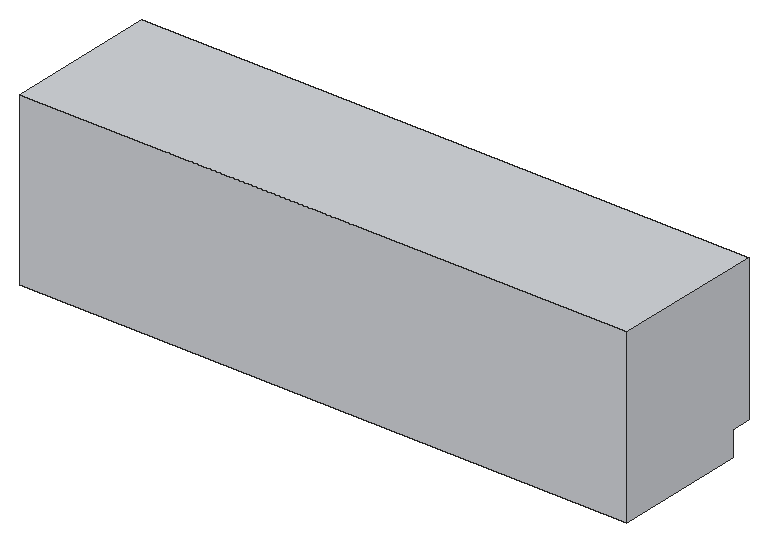
Revit family "OD_CW_Upper Cabinet", category Casework, Revit 2015
Parameters
  OD_CW_Width [instance] = 2' - 0"
  OD_CW_Length [instance] = 8' - 0"
  OD_CW_Height [instance] = 2' - 3"
  Depth = 2' - 0"
  Height = 3' - 0"
  Width = 4' - 0"
Reference planes (in)
  plane 1 "Center (Left/Right)": x = 0.7377
  plane 2 "Left": x = -23.2623
  plane 3 "Right": x = 24.7377
  plane 4 "Front": y = -24
  plane 5 "Top": z = 27
  plane 6: x = 96.7377
  plane 7: y = 0
Forms (in)
  Extrusion 1, solid
    sketch origin (24.7377, 0, 0) x (0, -1, 0) y (0, 0, 1)
      loop
        line (24, 27) -> (0, 27) -> (0, 4) -> (3, 4) -> (3, 0) -> (24, 0) -> (24, 27)
    from -72 to 24
Dimensions and locks (in)
  equal spacing: plane 2 "Left", plane 1 "Center (Left/Right)", plane 3 "Right"
  "OD_CW_Width": plane 4 "Front" to plane 7
  "OD_CW_Length": plane 1 "Center (Left/Right)" to plane 6
  locked: Extrusion 1 sketch curve to plane 7 at 3
  "OD_CW_Height": plane 5 "Top" to level
  aligned and locked: plane 5 "Top" to Extrusion 1 sketch curve
  aligned and locked: Extrusion 1 sketch curve to plane 4 "Front"
  aligned and locked: Extrusion 1 sketch curve to plane 7
  aligned and locked: level to Extrusion 1 sketch curve
  aligned and locked: Extrusion 1 to plane 1 "Center (Left/Right)"
  aligned and locked: plane 6 to Extrusion 1
Automatic sketch dimensions
  level to Extrusion 1 sketch curve = 0' - 4"
